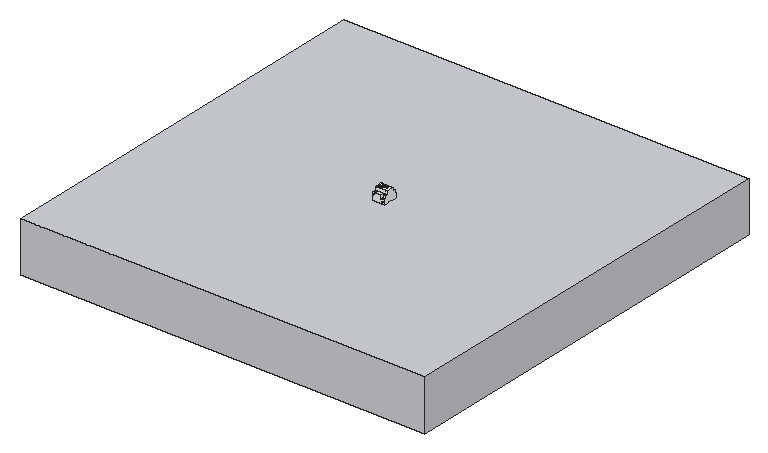
Revit family "GIRA_212900", category Elektroinstallationen, Revit 2017
Family settings
  Basisbauteil = Fläche
  Beschriftungsausrichtung beibehalten = Nein
  Bemaßung runder Anschluss = Durchmesser verwenden
  Teiletyp = Normal
  Beim Laden mit Abzugskörper schneiden = Nein
  Gemeinsam genutzt = Nein
  Raumberechnungspunkt = Nein
Parameters
  Default Elevation = 1219.2 mm
  Vor Ort-/Handbedienung YesNo = yes
  Vor Ort-/Handbedienung = yes
  Ventilschutzfunktion = no
  URL = "https://www.gira.de/"
  Typname = "Heizungsaktor 6f Regler KNX REG"
  Stellgröße stetig = yes
  Stellgröße schaltend = no
  Spannung [Volt] = "[230:230]"
  Schutzart (IP) Text = "IP20"
  Schaltspannung [Volt] = "[110:230]"
  Produktseite = ""
  Parallel-Betrieb möglich = no
  Nebenstelleneingang = yes
  Montageart Text = "REG"
  Modulare Erweiterungsmöglichkeit = yes
  Mit LED-Anzeige YesNo = no
  Mit LED-Anzeige = no
  Mit Busankopplung YesNo = no
  Max. Schaltstrom (Ohmsche Last) = 1.5 A
  Max. Anzahl der Schaltausgänge = 8
  Max. Anzahl der Jalousieausgänge = 4
  Leistungszusatz verwendbar = no
  Lastart = "universal"
  IR-Schnittstelle = no
  Hersteller = "Gira"
  HeinzeBIM = ""
  Handschaltung = yes
  HAN = "212900"
  GTIN = "4010337032915"
  Funk bidirektional = no
  Frequenz [Hz] = "[50:60]"
  Demontageschutz = no
  Datenblatt = ""
  Bussystem Powernet YesNo = no
  Bussystem LON YesNo = no
  Bussystem KNX-Funk YesNo = no
  Bussystem KNX YesNo = yes
  Bussystem Funkbus YesNo = no
  Busmodul abnehmbar = no
  Breite in Teilungseinheiten Number = 4
  Breite in Teilungseinheiten = 4
  Beschreibung = "KNX Heizungsaktor 6fach mit Regler  REG plus Merkmale: - Heizungsaktor mit integriertem Raumtemperaturregler zum Schalten elektrothermischer Stellantriebe für Heizungen oder Kühldecken. Ventilausgänge: - Schaltbetrieb oder PWM-Betrieb. - Stellantriebe mit Charakteristik stromlos geöffnet\" oder \"stromlos geschlossen\" ansteuerbar. - Stellantriebe mit Nennspannung 24 V oder 230 V ansteuerbar. - Baustellenbetrieb: Ausgänge manuell bedienbar ohne Busspannung nur mit der Betriebsspannung. - Rückmeldung bei Handbetätigung und im Busbetrieb. - Sperren einzelner Ausgänge per Hand oder Bus. - Überlastsicher, kurzschlusssicher, Fehlermeldung mit LED. - Schutz gegen festsitzende Ventile. - Zwangsstellung. - Unterschiedliche Sollwerte für Zwangsstellung oder Notbetrieb bei Busausfall für Sommer und Winter. - Zyklische Überwachung der Eingangssignale parametrierbar. - Rückmeldung über Bus z. B. bei Ausfall der Ventilspannung, Überlast und Kurzschluss. - Schalten der Heizkreispumpe in Abhängigkeit der Ventilzustände. - Sammelrückmeldung der angeschlossenen Stellantriebe. - Energiesparmodus zum Reduzieren des Energieverbrauchs des Heizungsaktors. Anwendung für Zeiträume (z. B. Sommer) wo kein Wärmebedarf zum Heizen besteht. - Aktivierung des Stellantriebs mit \"First-Open-Funktion\" bei der Erstinbetriebnahme. - Schnelle Inbetriebnahme durch globale Einstellung der Kanäle. - Kaskadierung mehrerer Heizungsaktoren. - Zurücksetzen von Fehlermeldungen über BUS. - Wärmebedarfsteuerung. - Betriebsstundenzähler pro Kanal. Raumtemperaturregler: - 6 unabhängige Regler. - Steuerung über individuelle Kommunikatiosobjekte für Ein- und Ausgänge. - Wahlweise interne Gruppenkommunikation zur individuellen Zuweisung der Reglerausgänge zu den Ausgangskanälen des Aktors. - Betriebsmodi: Komfort, Standby, Nacht und Frost- Hitzeschutz. - Jedem Betriebsmodus können eigene Temperatur-Sollwerte zugeordnet werden. - Konfiguration der Temperatur-Sollwerte wahlweise relativ (Ableitung aus Basis-Sollwert) oder absolut (unabhängige Solltemperaturen für jeden Betriebsmodus). - Komfortverlängerung durch Präsenztaste, Dauer parametrierbar. - Umschaltung der Betriebsmodi durch 1-Byte-Objekte gemäß der KNX Spezifikation oder durch bis zu 4 einzelne 1-Bit-Objekte. - Statusrückmeldungen konfigurierbar. - Frost- Hitzeschutz-Umschaltung durch Fensterstatus oder durch Frostschutz-Automatik. - Betriebsarten \"Heizen\", \"Kühlen\", \"Heizen und Kühlen\" jeweils mit oder ohne Zusatzstufe. Die Temperatur-Sollwerte für die Zusatzstufe leiten sich durch einen parametrierbaren Stufenabstand aus den Werten der Grundstufe ab. - Je Heiz- oder Kühlstufe sind verschiedene Regelungsarten konfigurierbar: PI-Regelung (stetige oder schaltende PWM) oder 2-Punkt-Regelung (schaltend). - Regelparameter für PI-Regler (falls gewünscht: Proportionalbereich, Nachstellzeit) und 2Punkt-Regler (Hysterese) einstellbar. - Automatisches oder objektorientiertes Umschalten zwischen \"Heizen\" und \"Kühlen\". - Raumtemperaturmessung über bis zu zwei externe KNX Temperaturfühler. Abgleich der Temperaturwerte möglich und Messwertbildung der externen Fühler parametrierbar. Abfragezeit der extern empfangenen Temperaturwerte einstellbar. - Die Ist- und Soll-Temperaturen können nach einer parametrierbaren Abweichung auf den Bus (auch zyklisch) ausgegeben werden. - Getrennte oder gemeinsame Stellgrößenausgabe im Heiz- und Kühlbetrieb. Dadurch ein oder zwei Stellgrößenobjekte je Stufe. - Normale oder invertierte Stellgrößenausgabe. - Automatisches Senden und Zykluszeit für Stellgrößenausgabe parametrierbar. - Stellgrößenbegrenzung möglich. - Fußbodentemperaturbegrenzung im Heizbetrieb möglich. - Solltemperaturbegrenzung im Kühlbetrieb möglich.  Hinweise : - An allen Ausgängen müssen Ventile mit der gleichen Betriebsspannung angeschlossen werden. - VDE-Zulassung gemäß EN 60669-1, EN 60669-2-1. - Montage auf DIN-Hutschiene.\""
  Bemessungsstrom = 16 A
  BIM = ""
  Ausgangsleistung [Watt] = "[20:500]"
  Ausführung Text = "Medienkoppler"
  Anzahl der Ausgänge Number = 6
  Anzahl der Ausgänge = 2
  Andere Bussysteme Text = "sonstige"
Reference planes
  plane 1 "Center (Front/Back)": y = 0
  plane 2: z = 0
  plane 3 "Center (Left/Right)": x = 0
Forms (mm)
  Extrusion 1, solid
    sketch origin (0, 0, 0) x (1, 0, 0) y (0, 1, 0)
      loop
        line (-1219.2, 1219.2) -> (-1219.2, -1219.2) -> (1219.2, -1219.2) -> (1219.2, 1219.2) -> (-1219.2, 1219.2)
    from 0 to -304.8
  Extrusion 2, solid, material "White", detail levels fine
    sketch origin (0, 0, 0) x (0, 1, 0) y (0, 0, 1)
      loop
        line (45.125, -2.619) -> (45.125, 24.95) -> (33.875, 24.95) -> (33.875, 43.8) -> (22.575, 43.8) -> (22.575, 62.05)
        arc (22.575, 62.05) -> (22.311, 62.686) -> (21.675, 62.95) r 0.9
        line (21.675, 62.95) -> (-21.175, 62.95)
        arc (-21.175, 62.95) -> (-21.785, 62.758) -> (-22.175, 62.25) r 1.064
        line (-22.175, 62.25) -> (-22.175, 43.8) -> (-44.725, 43.8) -> (-44.725, -2.619)
        arc (-44.725, -2.619) -> (-31.081, -5.433) -> (-17.243, -7.049) r 160
        line (-17.243, -7.049) -> (-13.165, -1.734) -> (-16.399, -0.807) -> (-16.399, 0) -> (17.8, 0) -> (17.8, -1.4) -> (16.8, -1.4) -> (14.749, -4.952)
        arc (14.749, -4.952) -> (18.64, -6.184) -> (22.7, -6.6) r 20
        arc (22.7, -6.6) -> (33.983, -5.009) -> (45.125, -2.619) r 160
    from -36 to 36
  Extrusion 3, void, detail levels fine
    sketch origin (0, 0, 0) x (1, 0, 0) y (0, 1, 0)
      loop
        circle (30, 26.925) r 2.55
      loop
        circle (21.75, 26.925) r 2.55
      loop
        circle (12.75, 26.925) r 2.55
      loop
        circle (4.5, 26.925) r 2.55
      loop
        circle (-4.5, 26.925) r 2.55
      loop
        circle (-12.75, 26.925) r 2.55
      loop
        circle (-21.75, 26.925) r 2.55
      loop
        circle (-30, 26.925) r 2.55
    from 37.936 to 43.8
  Extrusion 4, void, detail levels fine
    sketch origin (0, 11.25, -18.85) x (1, 0, 0) y (0, 1, 0)
      loop
        circle (30, 26.925) r 2.55
      loop
        circle (21.75, 26.925) r 2.55
      loop
        circle (12.75, 26.925) r 2.55
      loop
        circle (4.5, 26.925) r 2.55
      loop
        circle (-4.5, 26.925) r 2.55
      loop
        circle (-12.75, 26.925) r 2.55
      loop
        circle (-21.75, 26.925) r 2.55
      loop
        circle (-30, 26.925) r 2.55
    from 37.936 to 43.8
  Extrusion 5, void, detail levels fine
    sketch origin (0, 0, 0) x (1, 0, 0) y (0, 1, 0)
      loop
        circle (-13, -3.875) r 3
      loop
        circle (-23, -3.875) r 3
      loop
        circle (-23, -13.875) r 3
      loop
        circle (-13, -13.875) r 3
      loop
        circle (-29, -3.875) r 1.575
      loop
        circle (-29, -13.875) r 1.575
      loop
        circle (-7, -13.875) r 1.575
      loop
        circle (-15.4, 5.325) r 1.625
      loop
        circle (-11, 5.325) r 1.575
      loop
        circle (-6.6, 5.325) r 1.625
      loop
        circle (-2.2, 5.325) r 1.625
      loop
        circle (2.2, 5.325) r 1.625
      loop
        circle (6.6, 5.325) r 1.625
      loop
        circle (11, 5.325) r 1.575
      loop
        circle (15.4, 5.325) r 1.625
    from 58.253 to 62.95
  Extrusion 6, void, detail levels fine
    sketch origin (0, 0, 0) x (1, 0, 0) y (0, 1, 0)
      loop
        line (-32.175, -32.6) -> (-32.175, -34.9) -> (-31.24, -34.36) -> (-31.401, -37.165) -> (-32.175, -36.7) -> (-32.175, -44.875) -> (-20.175, -44.875) -> (-20.175, -37.33) -> (-19.075, -37.965) -> (-19.075, -33.635) -> (-20.175, -34.27) -> (-20.175, -32.6) -> (-32.175, -32.6)
    from 28.5 to 43.8
  Extrusion 7, solid, detail levels fine
    sketch origin (0, 0, 0) x (1, 0, 0) y (0, 1, 0)
      loop
        circle (-29.375, -36.2) r 0.5
      loop
        circle (-23.575, -36.2) r 0.5
    from 28.5 to 37.5
  Extrusion 8, void, detail levels fine
    sketch origin (0, 0, 0) x (1, 0, 0) y (0, 1, 0)
      loop
        line (15.289, -31.489) -> (15.289, -44.875) -> (36, -44.875) -> (36, -31.489) -> (15.289, -31.489)
    from 25 to 43.8
  Extrusion 9, void, detail levels fine
    sketch origin (0, 0, 0) x (1, 0, 0) y (0, 1, 0)
      loop
        circle (21.75, -37.925) r 2.55
      loop
        circle (30, -37.925) r 2.55
    from 19.086 to 24.95
  Extrusion 10, void, detail levels fine
    sketch origin (0, 0, 0) x (1, 0, 0) y (0, 0, 1)
      loop
        line (32.368, 26.75) -> (32.35, 28.865) -> (32.319, 32.45) -> (27.731, 32.45) -> (27.682, 26.75) -> (32.368, 26.75)
      loop
        line (24.118, 26.75) -> (24.1, 28.865) -> (24.069, 32.45) -> (19.481, 32.45) -> (19.432, 26.75) -> (24.118, 26.75)
      loop
        line (15.118, 26.75) -> (15.1, 28.865) -> (15.069, 32.45) -> (10.481, 32.45) -> (10.432, 26.75) -> (15.118, 26.75)
      loop
        line (6.868, 26.75) -> (6.85, 28.865) -> (6.819, 32.45) -> (2.231, 32.45) -> (2.182, 26.75) -> (6.868, 26.75)
      loop
        line (-2.182, 26.75) -> (-2.2, 28.865) -> (-2.231, 32.45) -> (-6.819, 32.45) -> (-6.868, 26.75) -> (-2.182, 26.75)
      loop
        line (-10.432, 26.75) -> (-10.45, 28.865) -> (-10.481, 32.45) -> (-15.069, 32.45) -> (-15.118, 26.75) -> (-10.432, 26.75)
      loop
        line (-19.35, 26.75) -> (-19.369, 28.865) -> (-19.4, 32.45) -> (-23.987, 32.45) -> (-24.037, 26.75) -> (-19.35, 26.75)
      loop
        line (-27.682, 26.75) -> (-27.7, 28.865) -> (-27.731, 32.45) -> (-32.319, 32.45) -> (-32.368, 26.75) -> (-27.682, 26.75)
    from -29.206 to -33.875
  Extrusion 11, void, detail levels fine
    sketch origin (0, 11.25, -19.567) x (1, 0, 0) y (0, 0, 1)
      loop
        line (32.368, 26.75) -> (32.35, 28.865) -> (32.319, 32.45) -> (27.731, 32.45) -> (27.682, 26.75) -> (32.368, 26.75)
      loop
        line (24.118, 26.75) -> (24.1, 28.865) -> (24.069, 32.45) -> (19.481, 32.45) -> (19.432, 26.75) -> (24.118, 26.75)
      loop
        line (15.118, 26.75) -> (15.1, 28.865) -> (15.069, 32.45) -> (10.481, 32.45) -> (10.432, 26.75) -> (15.118, 26.75)
      loop
        line (6.868, 26.75) -> (6.85, 28.865) -> (6.819, 32.45) -> (2.231, 32.45) -> (2.182, 26.75) -> (6.868, 26.75)
      loop
        line (-2.182, 26.75) -> (-2.2, 28.865) -> (-2.231, 32.45) -> (-6.819, 32.45) -> (-6.868, 26.75) -> (-2.182, 26.75)
      loop
        line (-10.432, 26.75) -> (-10.45, 28.865) -> (-10.481, 32.45) -> (-15.069, 32.45) -> (-15.118, 26.75) -> (-10.432, 26.75)
      loop
        line (-19.35, 26.75) -> (-19.369, 28.865) -> (-19.4, 32.45) -> (-23.987, 32.45) -> (-24.037, 26.75) -> (-19.35, 26.75)
      loop
        line (-27.682, 26.75) -> (-27.7, 28.865) -> (-27.731, 32.45) -> (-32.319, 32.45) -> (-32.368, 26.75) -> (-27.682, 26.75)
    from -29.206 to -33.875
  Extrusion 12, void, detail levels fine
    sketch origin (0, 0, 0) x (1, 0, 0) y (0, 0, 1)
      loop
        line (32.319, 12.883) -> (27.731, 12.883) -> (27.682, 7.183) -> (32.368, 7.183) -> (32.35, 9.298) -> (32.319, 12.883)
      loop
        line (24.069, 12.883) -> (19.481, 12.883) -> (19.432, 7.183) -> (24.118, 7.183) -> (24.1, 9.298) -> (24.069, 12.883)
    from 40.588 to 44.725
  Extrusion 13, solid, material "White", detail levels fine
    sketch origin (0, 0, 0) x (1, 0, 0) y (0, 1, 0)
      loop
        circle (-15.4, 5.325) r 1.625
      loop
        circle (-11, 5.325) r 1.575
      loop
        circle (-6.6, 5.325) r 1.625
      loop
        circle (-2.2, 5.325) r 1.625
      loop
        circle (2.2, 5.325) r 1.625
      loop
        circle (6.6, 5.325) r 1.625
      loop
        circle (11, 5.325) r 1.575
      loop
        circle (15.4, 5.325) r 1.625
      loop
        circle (-29, -3.875) r 1.575
      loop
        circle (-29, -13.875) r 1.575
      loop
        circle (-7, -13.875) r 1.575
    from 58.253 to 62.25
  Extrusion 14, solid, material "White", detail levels fine
    sketch origin (0, 0, 0) x (1, 0, 0) y (0, 1, 0)
      loop
        circle (-23, -3.875) r 3
      loop
        circle (-13, -3.875) r 3
      loop
        circle (-23, -13.875) r 3
      loop
        circle (-13, -13.875) r 3
    from 58.253 to 63.841
  Extrusion 15, solid, material "White", detail levels medium
    sketch origin (0, 0, 0) x (0, 1, 0) y (0, 0, 1)
      loop
        line (45.125, -7.049) -> (45.125, 24.95) -> (33.875, 24.95) -> (33.875, 43.8) -> (22.575, 43.8) -> (22.575, 63.841) -> (-22.175, 63.841) -> (-22.175, 43.8) -> (-44.725, 43.8) -> (-44.725, -7.049) -> (45.125, -7.049)
    from -36 to 36
  Extrusion 16, solid, material "White", detail levels coarse
    sketch origin (0, 0, 0) x (0, 1, 0) y (0, 0, 1)
      loop
        line (45.125, -7.049) -> (45.125, 63.841) -> (-44.725, 63.841) -> (-44.725, -7.049) -> (45.125, -7.049)
    from -36 to 36
Cuts and joins
  Extrusion 3, Extrusion 4, Extrusion 5, Extrusion 6, Extrusion 8, Extrusion 9, Extrusion 10, Extrusion 11, Extrusion 12 cuts Extrusion 2
Dimensions and locks
  aligned and locked: plane 2 to Extrusion 1
  aligned and locked: level to Extrusion 1
